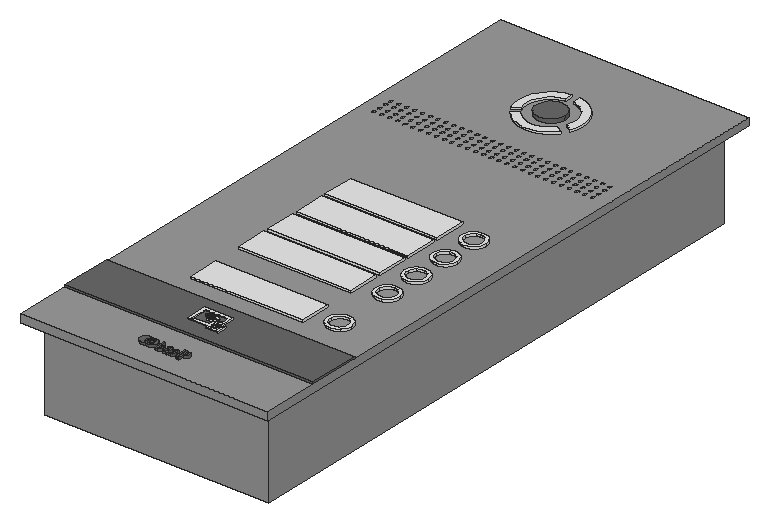
Revit family "BI-04FB", category Устройства связи, Revit 2022
Family settings
  Размер круглого соединителя = Использовать диаметр
  Тип детали = Нормальный
  На основе рабочей плоскости = Да
  Всегда вертикально = Нет
  При загрузке вырезать с полостями = Нет
  Сохранять ориентацию аннотаций = Нет
  Общий = Да
  Точка принадлежности помещению = Нет
Parameters (values of type "BI-04FB")
  Цветовое решение = "Серебро, Золото, Чёрный"
  Угол обзора = "По горизонтали 90°, по вертикали 62°"
  Тип установки = "Врезная, накладная с BR-AA12"
  Тип панели = "Многокнопочная"
  Тип клавиатуры = "Механические кнопки с подсветкой"
  Температурный режим = "-40 ... +65 °С"
  Режим разговора = "Двухсторонний"
  Разрешение камеры = "2.0 Мп"
  Размер панели = "158х379х49 мм"
  Размер под установку = "141х359х58 мм"
  Потребление питания = "6,5 Вт, в режиме ожидания – 3,6 Вт"
  Поддерживаемые аудиокодеки = "G.711u"
  Питание = "+12 В (+8% -4%) и PoE"
  Default Elevation = 0 mm
  Открытие замка = "С монитора, по HTTP, по коду, по карте, из приложения UKEY, из приложения BAS-IP Intercom, по распознаванию лиц"
  Описание = "BAS-IP BI-04FB - Вызывные панели BI-02B, BI-04B, BI-06B, BI-08B, BI-12B доступны в золотом, серебряном и черном цветах. Они оснащены широкоугольной камерой и поддерживают мобильный доступ BAS-IP UKEY.\r\nС помощью этих панелей можно совершать прямые звонки как на внутренние мониторы, так и на монитора консьержа. Устройство отлично вписывается в интерьер небольшого офиса или коттеджа"
  Ночная подсветка = "6 светодиодов"
  Минимальная освещенность = "0,01 LuX"
  Материал корпуса = Материал серый
  Корпус = "Металлический"
  Контроль доступа = "Мультиформатный считыватель с поддержкой технологии UKEY (EM-Marin, Mifare, BLE, NFC), 3D датчик распознавания лица"
  Количество мелодий вызова = "Возможность установки пользовательской мелодии"
  Кнопки быстрого вызова = "Кнопка вызова консьержа"
  Класс степени защиты = "IP65"
  Камера = "1/3”"
  Интерфейс = "Мультиязычный WEB–интерфейс"
  Интеграция со СКУД = "Выход WIEGAND-26, 32, 34, 37, 40, 42, 56, 58, 64 бит"
  Изображение типоразмера = <Нет>
  Изготовитель = "BAS-IP"
  Дополнительно = "SIP P2P, Встроенное реле"
  Дисплей = "Нет"
  Группа модели = "Вызывная панель"
  Выходное видео = "HD (1920×1080), H.264 Main Profile"
  Аутентификация = "Отдельный пароль на настройки, WEB–интерфейс"
  URL = "https://www.bas-ip.ru"
  Email разработчика семейства = "lytvynchukartur@gmail.com"
  BIM library = "https://bimlib.ru/manufacturer/"
  ADSK_Размер_Ширина = 158 mm
  ADSK_Размер_Толщина = 49 mm
  ADSK_Размер_Длина = 379 mm
  ADSK_Примечание = ""
  ADSK_Полная мощность = 6.5 VA  # constant formula
  ADSK_Позиция = ""
  ADSK_Обозначение = ""
  ADSK_Номинальная мощность = 6.5 W
  ADSK_Напряжение = 12 V
  ADSK_Наименование краткое = "BI-04FB"
  ADSK_Наименование = "ВЫЗЫВНАЯ ПАНЕЛЬ BI-04FB"
  ADSK_Масса_Текст = ""
  ADSK_Марка = "BI-04FB"
  ADSK_Коэффициент мощности = 0.9
  ADSK_Количество фаз = 1
  ADSK_Код изделия = ""
  ADSK_Классификация нагрузок = Вызывная панель
  ADSK_Зона = ""
  ADSK_Завод-изготовитель = "BAS-IP"
  ADSK_Единица измерения = "шт"
  ADSK_Версия Revit = "Revit 2020"  # constant formula
  ADSK_URL страницы изделия = "https://www.bas-ip.ru/catalog/panels/bi-04b/"
  ADSK_URL документации изделия = "https://wiki.bas-ip.com/bipanels/ru/bi-02fb-bi-04fb-bi-06fb-bi-08fb-bi-12fb-18547406.html"
Reference planes
  plane 1 "По центру (Вперед/Назад)": y = 0
  plane 2: z = 0
  plane 3 "По центру (Влево/Вправо)": x = 0
Forms (mm)
  Extrusion 1, solid, material "Материал серый" <- "Материал корпуса", detail levels medium+fine
    sketch origin (544.897, 48.335, -2.742) x (1, 0, 0) y (0, 1, 0)
      loop
        line (-614.897, 129.165) -> (-614.897, -225.835) -> (-474.897, -225.835) -> (-474.897, 129.165) -> (-614.897, 129.165)
    from -50.258 to 2.742
  Extrusion 2, solid, material "Материал белый", detail levels medium+fine
    sketch origin (-195, -21.397, 55) x (1, 0, 0) y (0, 1, 0)
      loop
        arc (192.525, 171.244) -> (177.679, 161.397) -> (176.575, 143.618) r 20
        line (176.575, 143.618) -> (180.95, 146.143)
        arc (180.95, 146.143) -> (182.01, 158.897) -> (192.525, 166.192) r 15
        line (192.525, 166.192) -> (192.525, 171.244)
      loop
        arc (197.475, 166.192) -> (207.99, 158.897) -> (209.05, 146.143) r 15
        line (209.05, 146.143) -> (213.425, 143.618)
        arc (213.425, 143.618) -> (212.321, 161.397) -> (197.475, 171.244) r 20
        line (197.475, 171.244) -> (197.475, 166.192)
      loop
        arc (206.575, 141.857) -> (195, 136.397) -> (183.425, 141.857) r 15
        line (183.425, 141.857) -> (179.05, 139.331)
        arc (179.05, 139.331) -> (195, 131.397) -> (210.95, 139.331) r 20
        line (210.95, 139.331) -> (206.575, 141.857)
    from -52 to -49
  Extrusion 3, solid, material "Материал черный", detail levels medium+fine
    sketch origin (-195, -21.397, 55) x (1, 0, 0) y (0, 1, 0)
      loop
        circle (195, 151.397) r 9
    from -52 to -48
  Extrusion 4, solid, material "Материал серый" <- "Материал корпуса", detail levels medium+fine
    sketch origin (191.684, -200.438, 54) x (1, 0, 0) y (0, 1, 0)
      loop
        line (-269.184, 387.938) -> (-269.184, 12.938) -> (-114.184, 12.938) -> (-114.184, 387.938) -> (-269.184, 387.938)
      loop
        circle (-191.684, 291.429) r 1
      loop
        circle (-191.684, 286.929) r 1
      loop
        circle (-191.684, 282.429) r 1
      loop
        circle (-191.684, 277.929) r 1
      loop
        circle (-196.571, 291.429) r 1
      loop
        circle (-196.571, 286.929) r 1
      loop
        circle (-196.571, 282.429) r 1
      loop
        circle (-196.571, 277.929) r 1
      loop
        circle (-201.457, 291.429) r 1
      loop
        circle (-201.457, 286.929) r 1
      loop
        circle (-201.457, 282.429) r 1
      loop
        circle (-201.457, 277.929) r 1
      loop
        circle (-206.344, 291.429) r 1
      loop
        circle (-206.344, 286.929) r 1
      loop
        circle (-206.344, 282.429) r 1
      loop
        circle (-206.344, 277.929) r 1
      loop
        circle (-211.231, 291.429) r 1
      loop
        circle (-211.231, 286.929) r 1
      loop
        circle (-211.231, 282.429) r 1
      loop
        circle (-211.231, 277.929) r 1
      loop
        circle (-216.117, 291.429) r 1
      loop
        circle (-216.117, 286.929) r 1
      loop
        circle (-216.117, 282.429) r 1
      loop
        circle (-216.117, 277.929) r 1
      loop
        circle (-221.004, 291.429) r 1
      loop
        circle (-221.004, 286.929) r 1
      loop
        circle (-221.004, 282.429) r 1
      loop
        circle (-221.004, 277.929) r 1
      loop
        circle (-225.891, 291.429) r 1
      loop
        circle (-225.891, 286.929) r 1
      loop
        circle (-225.891, 282.429) r 1
      loop
        circle (-225.891, 277.929) r 1
      loop
        circle (-230.777, 291.429) r 1
      loop
        circle (-230.777, 286.929) r 1
      loop
        circle (-230.777, 282.429) r 1
      loop
        circle (-230.777, 277.929) r 1
      loop
        circle (-235.664, 291.429) r 1
      loop
        circle (-235.664, 286.929) r 1
      loop
        circle (-235.664, 282.429) r 1
      loop
        circle (-235.664, 277.929) r 1
      loop
        circle (-240.551, 291.429) r 1
      loop
        circle (-240.551, 286.929) r 1
      loop
        circle (-240.551, 282.429) r 1
      loop
        circle (-240.551, 277.929) r 1
      loop
        circle (-245.437, 291.429) r 1
      loop
        circle (-245.437, 286.929) r 1
      loop
        circle (-245.437, 282.429) r 1
      loop
        circle (-245.437, 277.929) r 1
      loop
        circle (-250.324, 291.429) r 1
      loop
        circle (-250.324, 286.929) r 1
      loop
        circle (-250.324, 282.429) r 1
      loop
        circle (-250.324, 277.929) r 1
      loop
        circle (-255.211, 291.429) r 1
      loop
        circle (-255.211, 286.929) r 1
      loop
        circle (-255.211, 282.429) r 1
      loop
        circle (-255.211, 277.929) r 1
      loop
        circle (-260.097, 291.429) r 1
      loop
        circle (-260.097, 286.929) r 1
      loop
        circle (-260.097, 282.429) r 1
      loop
        circle (-260.097, 277.929) r 1
      loop
        circle (-186.797, 291.429) r 1
      loop
        circle (-186.797, 286.929) r 1
      loop
        circle (-186.797, 282.429) r 1
      loop
        circle (-186.797, 277.929) r 1
      loop
        circle (-181.91, 291.429) r 1
      loop
        circle (-181.91, 286.929) r 1
      loop
        circle (-181.91, 282.429) r 1
      loop
        circle (-181.91, 277.929) r 1
      loop
        circle (-177.024, 291.429) r 1
      loop
        circle (-177.024, 286.929) r 1
      loop
        circle (-177.024, 282.429) r 1
      loop
        circle (-177.024, 277.929) r 1
      loop
        circle (-172.137, 291.429) r 1
      loop
        circle (-172.137, 286.929) r 1
      loop
        circle (-172.137, 282.429) r 1
      loop
        circle (-172.137, 277.929) r 1
      loop
        circle (-167.25, 291.429) r 1
      loop
        circle (-167.25, 286.929) r 1
      loop
        circle (-167.25, 282.429) r 1
      loop
        circle (-167.25, 277.929) r 1
      loop
        circle (-162.364, 291.429) r 1
      loop
        circle (-162.364, 286.929) r 1
      loop
        circle (-162.364, 282.429) r 1
      loop
        circle (-162.364, 277.929) r 1
      loop
        circle (-157.477, 291.429) r 1
      loop
        circle (-157.477, 286.929) r 1
      loop
        circle (-157.477, 282.429) r 1
      loop
        circle (-157.477, 277.929) r 1
      loop
        circle (-152.59, 291.429) r 1
      loop
        circle (-152.59, 286.929) r 1
      loop
        circle (-152.59, 282.429) r 1
      loop
        circle (-152.59, 277.929) r 1
      loop
        circle (-147.704, 291.429) r 1
      loop
        circle (-147.704, 286.929) r 1
      loop
        circle (-147.704, 282.429) r 1
      loop
        circle (-147.704, 277.929) r 1
      loop
        circle (-142.817, 291.429) r 1
      loop
        circle (-142.817, 286.929) r 1
      loop
        circle (-142.817, 282.429) r 1
      loop
        circle (-142.817, 277.929) r 1
      loop
        circle (-137.93, 291.429) r 1
      loop
        circle (-137.93, 286.929) r 1
      loop
        circle (-137.93, 282.429) r 1
      loop
        circle (-137.93, 277.929) r 1
      loop
        circle (-133.044, 291.429) r 1
      loop
        circle (-133.044, 286.929) r 1
      loop
        circle (-133.044, 282.429) r 1
      loop
        circle (-133.044, 277.929) r 1
      loop
        circle (-128.157, 291.429) r 1
      loop
        circle (-128.157, 286.929) r 1
      loop
        circle (-128.157, 282.429) r 1
      loop
        circle (-128.157, 277.929) r 1
      loop
        circle (-123.27, 291.429) r 1
      loop
        circle (-123.27, 286.929) r 1
      loop
        circle (-123.27, 282.429) r 1
      loop
        circle (-123.27, 277.929) r 1
    from -54 to -49
  Extrusion 5, solid, material "Материал черный", detail levels medium+fine
    sketch origin (-347.374, 13, 55) x (1, 0, 0) y (0, 1, 0)
      loop
        line (355.91, -186.947) -> (356.876, -186.947) -> (356.876, -179.913) -> (355.91, -179.913) -> (355.91, -186.947)
      loop
        line (357.377, -186.947) -> (358.377, -186.947) -> (358.377, -184.451)
        arc (358.377, -184.451) -> (361.041, -182.66) -> (359.379, -179.913) r 2.326
        line (359.379, -179.913) -> (357.377, -179.913) -> (357.377, -186.947)
      loop
        arc (358.377, -183.451) -> (360.221, -182.217) -> (358.377, -180.983) r 1.335
        line (358.377, -180.983) -> (358.377, -183.451)
      loop
        line (342.946, -179.913) -> (342.946, -186.947) -> (344.968, -186.947)
        spline (344.968, -186.947) -> (345.634, -186.72) -> (346.221, -186.353) -> (346.689, -185.871) -> (347.005, -185.307) -> (347.148, -184.699) -> (347.109, -184.089) -> (346.89, -183.519) -> (346.506, -183.026) -> (345.984, -182.646) -> (345.358, -182.403) -> (344.672, -182.314) -> (343.972, -182.385)
        line (343.972, -182.385) -> (343.972, -179.913) -> (342.946, -179.913)
      loop
        line (343.972, -183.426) -> (343.972, -185.927) -> (345.157, -185.927)
        spline (345.157, -185.927) -> (345.542, -185.692) -> (345.86, -185.388) -> (346.09, -185.036) -> (346.217, -184.659) -> (346.23, -184.283) -> (346.13, -183.934) -> (345.923, -183.636) -> (345.624, -183.408) -> (345.252, -183.267) -> (344.834, -183.222) -> (344.397, -183.276) -> (343.972, -183.426)
      loop
        line (354.371, -183.077) -> (354.371, -182.08)
        arc (354.371, -182.08) -> (353.527, -181.636) -> (352.582, -181.765) r 1.562
        arc (352.582, -181.765) -> (351.902, -182.393) -> (351.698, -183.296) r 1.562
        arc (351.698, -183.296) -> (352.118, -184.311) -> (353.134, -184.732) r 1.436
        arc (353.134, -184.732) -> (353.678, -184.957) -> (353.903, -185.501) r 0.769
        arc (353.903, -185.501) -> (353.519, -186.167) -> (352.749, -186.167) r 0.769
        line (352.749, -186.167) -> (351.665, -185.976) -> (351.665, -186.777) -> (353.173, -187.043)
        arc (353.173, -187.043) -> (354.539, -185.977) -> (354.178, -184.282) r 1.634
        line (354.178, -184.282) -> (353.112, -183.956)
        arc (353.112, -183.956) -> (352.563, -183.005) -> (353.595, -182.629) r 0.717
        line (353.595, -182.629) -> (354.371, -183.077)
      loop
        line (350.666, -186.947) -> (350.666, -182.599)
        arc (350.666, -182.599) -> (349.304, -181.597) -> (347.682, -182.073) r 1.905
        arc (347.682, -182.073) -> (347.604, -182.585) -> (348.086, -182.774) r 0.415
        arc (348.086, -182.774) -> (349.009, -182.264) -> (349.931, -182.774) r 1.09
        line (349.931, -182.774) -> (349.931, -183.578) -> (348.501, -183.578)
        arc (348.501, -183.578) -> (347.388, -185.155) -> (348.105, -186.947) r 2.022
        line (348.105, -186.947) -> (350.666, -186.947)
      loop
        line (349.931, -185.927) -> (349.931, -184.364) -> (348.861, -184.364)
        arc (348.861, -184.364) -> (348.08, -185.146) -> (348.861, -185.927) r 0.781
        line (348.861, -185.927) -> (349.931, -185.927)
      loop
        spline (337.212, -183.2) -> (337.246, -183.454) -> (337.345, -183.691) -> (337.502, -183.894) -> (337.707, -184.05) -> (337.946, -184.149) -> (338.203, -184.182) -> (338.459, -184.149) -> (338.698, -184.05) -> (338.903, -183.894) -> (339.061, -183.691) -> (339.159, -183.454) -> (339.193, -183.2)
        spline (339.193, -183.2) -> (339.159, -182.946) -> (339.061, -182.709) -> (338.903, -182.505) -> (338.698, -182.349) -> (338.459, -182.251) -> (338.203, -182.218) -> (337.946, -182.251) -> (337.707, -182.349) -> (337.502, -182.505) -> (337.345, -182.709) -> (337.246, -182.946) -> (337.212, -183.2)
      loop
        spline (336.121, -183.2) -> (336.192, -183.734) -> (336.4, -184.232) -> (336.731, -184.659) -> (337.162, -184.987) -> (337.664, -185.193) -> (338.203, -185.264) -> (338.741, -185.193) -> (339.243, -184.987) -> (339.674, -184.659) -> (340.005, -184.232) -> (340.213, -183.734) -> (340.284, -183.2)
        spline (340.284, -183.2) -> (340.213, -182.666) -> (340.005, -182.168) -> (339.674, -181.741) -> (339.243, -181.413) -> (338.741, -181.206) -> (338.203, -181.136) -> (337.664, -181.206) -> (337.162, -181.413) -> (336.731, -181.741) -> (336.4, -182.168) -> (336.192, -182.666) -> (336.121, -183.2)
      loop
        spline (334.697, -183.2) -> (334.817, -184.089) -> (335.167, -184.917) -> (335.724, -185.628) -> (336.45, -186.173) -> (337.295, -186.516) -> (338.203, -186.633) -> (339.11, -186.516) -> (339.955, -186.173) -> (340.681, -185.628) -> (341.238, -184.917) -> (341.589, -184.089) -> (341.708, -183.2)
        spline (341.708, -183.2) -> (341.589, -182.311) -> (341.238, -181.483) -> (340.681, -180.772) -> (339.955, -180.226) -> (339.11, -179.883) -> (338.203, -179.766) -> (337.295, -179.883) -> (336.45, -180.226) -> (335.724, -180.772) -> (335.167, -181.483) -> (334.817, -182.311) -> (334.697, -183.2)
    from -52 to -49
  Extrusion 6, solid, material "Материал черный", detail levels medium+fine
    sketch origin (-377.374, 13, 55) x (1, 0, 0) y (0, 1, 0)
      loop
        spline (366.353, -186.117) -> (365.878, -185.77) -> (365.47, -185.35) -> (365.139, -184.869) -> (364.896, -184.34) -> (364.747, -183.778) -> (364.697, -183.2) -> (364.747, -182.622) -> (364.896, -182.06) -> (365.139, -181.531) -> (365.47, -181.05) -> (365.878, -180.63) -> (366.353, -180.283)
        spline (366.353, -180.283) -> (365.205, -179.836) -> (363.969, -179.807) -> (362.8, -180.199) -> (361.843, -180.965) -> (361.216, -182.008) -> (360.998, -183.2) -> (361.216, -184.391) -> (361.843, -185.435) -> (362.8, -186.201) -> (363.969, -186.593) -> (365.205, -186.564) -> (366.353, -186.117)
    from -52 to -49
  Extrusion 7, solid, material "Материал черный", detail levels medium+fine
    sketch origin (-345.926, 40.637, 55) x (1, 0, 0) y (0, 1, 0)
      loop
        line (268.426, -193.137) -> (423.426, -193.137) -> (423.426, -160.637) -> (268.426, -160.637) -> (268.426, -193.137)
    from -52 to -49
  Extrusion 8, solid, material "Материал белый", detail levels medium+fine
    sketch origin (-144.354, -265.893, 55) x (1, 0, 0) y (0, 1, 0)
      loop
        circle (194.354, 168.393) r 7.5
      loop
        circle (194.354, 168.393) r 5.5
    from -52 to -49
  Extrusion 9, solid, material "Материал белый", detail levels medium+fine
    sketch origin (-144.354, -228.393, 55) x (1, 0, 0) y (0, 1, 0)
      loop
        circle (194.354, 168.393) r 7.5
      loop
        circle (194.354, 168.393) r 5.5
    from -52 to -49
  Extrusion 10, solid, material "Материал белый", detail levels medium+fine
    sketch origin (-144.354, -205.893, 55) x (1, 0, 0) y (0, 1, 0)
      loop
        circle (194.354, 168.393) r 7.5
      loop
        circle (194.354, 168.393) r 5.5
    from -52 to -49
  Extrusion 11, solid, material "Материал белый", detail levels medium+fine
    sketch origin (-155.763, -315.55, 55) x (1, 0, 0) y (0, 1, 0)
      loop
        line (159.176, 173.833) -> (165.176, 173.833) -> (165.176, 177.793) -> (159.176, 177.793) -> (159.176, 173.833)
      loop
        line (158.176, 178.793) -> (159.676, 178.793)
        arc (159.676, 178.793) -> (160.341, 180.491) -> (161.981, 181.285) r 2.5
        line (161.981, 181.285) -> (161.981, 186.283) -> (147.395, 186.283) -> (147.395, 175.996) -> (158.176, 175.996) -> (158.176, 178.793)
      loop
        line (166.176, 178.793) -> (164.676, 178.793)
        arc (164.676, 178.793) -> (164.357, 180.015) -> (163.481, 180.925) r 2.5
        line (163.481, 180.925) -> (163.481, 187.783) -> (145.895, 187.783) -> (145.895, 174.496) -> (158.176, 174.496) -> (158.176, 172.833) -> (166.176, 172.833) -> (166.176, 178.793)
      loop
        arc (163.876, 178.793) -> (162.176, 180.493) -> (160.476, 178.793) r 1.7
        line (160.476, 178.793) -> (163.876, 178.793)
      loop
        circle (162.176, 175.813) r 0.794
      loop
        circle (162.176, 175.813) r 1.4
      loop
        arc (156.25, 180.012) -> (154.688, 180.451) -> (153.126, 180.012) r 3
        line (153.126, 180.012) -> (153.865, 179.274)
        arc (153.865, 179.274) -> (154.688, 179.451) -> (155.511, 179.274) r 2
        line (155.511, 179.274) -> (156.25, 180.012)
      loop
        line (156.972, 180.735) -> (157.688, 181.451)
        arc (157.688, 181.451) -> (154.688, 182.451) -> (151.688, 181.451) r 5
        line (151.688, 181.451) -> (152.404, 180.735)
        arc (152.404, 180.735) -> (154.688, 181.451) -> (156.972, 180.735) r 4
      loop
        line (158.401, 182.164) -> (159.112, 182.875)
        arc (159.112, 182.875) -> (154.688, 184.451) -> (150.264, 182.875) r 7
        line (150.264, 182.875) -> (150.975, 182.164)
        arc (150.975, 182.164) -> (154.688, 183.451) -> (158.401, 182.164) r 6
    from -52 to -48.557
  Extrusion 12, solid, material "Материал белый", detail levels medium+fine
    sketch origin (-195.852, -265.893, 55) x (1, 0, 0) y (0, 1, 0)
      loop
        line (160.852, 158.393) -> (230.852, 158.393) -> (230.852, 178.393) -> (160.852, 178.393) -> (160.852, 158.393)
      loop
        line (160.852, 195.893) -> (230.852, 195.893) -> (230.852, 215.893) -> (160.852, 215.893) -> (160.852, 195.893)
      loop
        line (160.852, 218.393) -> (230.852, 218.393) -> (230.852, 238.393) -> (160.852, 238.393) -> (160.852, 218.393)
      loop
        line (160.852, 240.893) -> (230.852, 240.893) -> (230.852, 260.893) -> (160.852, 260.893) -> (160.852, 240.893)
      loop
        line (160.852, 263.393) -> (230.852, 263.393) -> (230.852, 283.393) -> (160.852, 283.393) -> (160.852, 263.393)
    from -52 to -49
  Extrusion 13, solid, material "Материал белый", detail levels medium+fine
    sketch origin (-144.354, -183.393, 55) x (1, 0, 0) y (0, 1, 0)
      loop
        circle (194.354, 168.393) r 7.5
      loop
        circle (194.354, 168.393) r 5.5
    from -52 to -49
  Extrusion 14, solid, material "Материал белый", detail levels medium+fine
    sketch origin (-144.354, -160.893, 55) x (1, 0, 0) y (0, 1, 0)
      loop
        circle (194.354, 168.393) r 7.5
      loop
        circle (194.354, 168.393) r 5.5
    from -52 to -49
Dimensions and locks
  aligned and locked: level to plane 2
Connectors
  electrical at (0, 0, -53)
    settings: on Extrusion 1, index 5, voltage 0 V, apparent load 0 VA, apparent load phase1 0 VA, apparent load phase2 0 VA, apparent load phase3 0 VA, power factor 1, load classification "Прочее", number of poles 1, system type 13, power factor state 1, is connector primary yes, connector utility no, sub classification motor no, connector description ""
  electrical at (7.231, 0.308, -53)
    settings: on Extrusion 1, index 10, voltage 12 V, apparent load 6.5 VA, apparent load phase1 0 VA, apparent load phase2 0 VA, apparent load phase3 0 VA, power factor 0.9, load classification "Вызывная панель", number of poles 1, system type 30, power factor state 1, is connector primary no, connector utility no, sub classification motor no, connector description ""
  electrical at (-7.769, 0.308, -53)
    settings: on Extrusion 1, index 13, voltage 0 V, apparent load 0 VA, apparent load phase1 0 VA, apparent load phase2 0 VA, apparent load phase3 0 VA, power factor 1, load classification "Прочее", number of poles 1, system type 5, power factor state 1, is connector primary no, connector utility no, sub classification motor no, connector description ""
